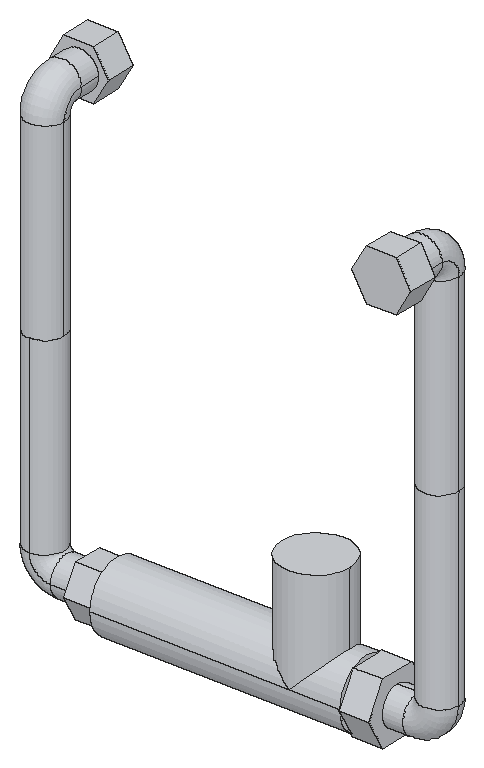
Revit family "PRD_AR_UrnlFlshngVlvs_ElectronicUrinalFlushingSystems_AQUA420,AQUA422", category Pipe Accessories, Revit 2018
Family settings
  Round Connector Dimension = Use Diameter
  Part Type = Valve - Breaks Into
  OmniClass Number = 23.45.05.14.99
  OmniClass Title = Other Sanitary Washing Plumbing Fixtures
  Work Plane-Based = No
  Always vertical = Yes
  Cut with Voids When Loaded = No
  Shared = No
Parameters (values of type "AQUA420")
  WarrantyStartDate [instance] = "1900-12-31T23:59:59"
  WarrantyGuarantorParts = "n/a"
  WarrantyGuarantorLabor = "n/a"
  WarrantyDurationUnit = "year"
  WarrantyDurationParts = "n/a"
  WarrantyDurationLabor = "n/a"
  WarrantyDescription = "n/a"
  Version = "1"
  Uniclass2015Version = "Products v1.7"
  Uniclass2015Title = "Flush control devices"
  Uniclass2015Code = "Pr_75_50_46_31"
  URL = "www.kwc.com"
  ThirdPartyCertification = "n/a"
  TagNumber [instance] = "n/a"
  SustainabilityPerformance = "n/a"
  Standard = "n/a"
  Size = "n/a"
  Shape = "n/a"
  SerialNumber [instance] = "n/a"
  Revision = "n/a"
  ReplacementCost = "n/a"
  ProductInformation = "https://pim.kwc.com/product/2000071169/attachment/datasheet?locale=en"
  OperatingControl = "electronic self-closing"
  NominalWidth = 0 mm
  NominalLength = 0 mm
  NominalHeight = 0 mm
  NetWeight = 1.425 kg
  Name = "Electronic urinal flushing systems AQUA420"
  NBSTypeID = "n/a"
  NBSReference = "90-15-35/470"
  NBSOfficeMasterTag = "n/a"
  NBSNote = "n/a"
  NBSDescription = "Flush control devices"
  NBSCertification = "n/a"
  ModelReference = "AQUA420"
  ModelNumber = "2000071169"
  Model = ModelReference  # "AQUA420"
  MaterialsFinishAndColour = "n/a"
  MaterialsBody = "n/a"
  Material = "n/a"
  ManufacturerURL = "www.kwc.com"
  ManufacturerName = "KWC Group AG"  # constant formula
  Manufacturer = ManufacturerName  # "KWC Group AG"
  IsHighPressure = no
  IntegralAccessories = "n/a"
  InstallationDate [instance] = "1900-12-31T23:59:59"
  IfcExportType = "FLUSHING"
  IfcExportAs = "IfcValveType"
  HasIntegralShutOffDevice = yes
  GrossWeight = 1.50 kg
  Grade = "n/a"
  FlushingRate = 0.0 L/s
  FlushVolume = "0.30 liter per second"
  FlushValveMaterial = none
  Finish = "n/a"
  Features = "n/a"
  ExpectedLife = "n/a"
  DurationUnit = "year"
  Description = "Electronic siphon control unit for invisible installation. For touch free flushing of KWC stainless steel urinals. With flexible pressure hose, solenoid valve, electronic module and siphon with outside mounted sensor without water contact, hygiene flushing 24 h after the last activity, 230 V AC."
  Constituents = "n/a"
  Color = "n/a"
  CodePerformance = "n/a"
  Category = "Pr_40_20_93_79, Urinal flushing valves"
  BarCode [instance] = "n/a"
  BIMObjectName = "PRD_AR_UrinalFlushingValves_ElectronicUrinalFlushingSystems_AQUA420"
  Author = "Archispace"  # constant formula
  AssetType = "Fixed"
  AssetIdentifier [instance] = "n/a"
  AccessibilityPerformance = "n/a"
Types (2, lengths in mm): name | ProductInformation | Name | ModelReference | ModelNumber | Model | Description | BIMObjectName
  AQUA420 | "https://pim.kwc.com/product/2000071169/attachment/datasheet?locale=en" | "Electronic urinal flushing systems AQUA420" | "AQUA420" | "2000071169" | "AQUA420" | "Electronic siphon control unit for invisible installation. For touch free flushing of KWC stainless steel urinals. With flexible pressure hose, solenoid valve, electronic module and siphon with outside mounted sensor without water contact, hygiene flushing 24 h after the last activity, 230 V AC." | "PRD_AR_UrinalFlushingValves_ElectronicUrinalFlushingSystems_AQUA420"
  AQUA422 | "https://pim.kwc.com/product/2000102700/attachment/datasheet?locale=en" | "Electronic urinal flushing systems AQUA422" | "AQUA422" | "2000102700" | "AQUA422" | "Electronic siphon control unit for invisible installation. For touch free flushing of KWC stainless steel urinals. With flexible pressure hose, solenoid valve, electronic module and siphon with outside mounted sensor without water contact, hygiene flushing 24 h after the last activity, 230 V AC. for KWC slab urinals" | "PRD_AR_UrinalFlushingValves_ElectronicUrinalFlushingSystems_AQUA422"
Reference planes
  plane 1 "Center (Front/Back)": y = 0
  plane 2: z = 0
  plane 3 "Center (Left/Right)": x = 0
  plane 4: y = 25
  plane 5: x = -185
Forms (mm)
  Sweep 1, solid, material <- "FlushValveMaterial", detail levels fine
    path origin (0, 0, 0) x (0, 1, 0) y (0, 0, 1)
      loop
        line (0, 0) -> (15, 0)
        arc (15, 0) -> (22.071, -2.929) -> (25, -10) r 10
        line (25, -10) -> (25, -100)
    profile origin (0, 7.5, 0) x (0, 0, 1) y (1, 0, 0)
      loop
        circle (0, 0) r 9
  Sweep 2, solid, material <- "FlushValveMaterial", detail levels fine
    path origin (9, 25, 1200) x (1, 0, 0) y (0, 0, 1)
      loop
        line (-9, -1300) -> (-9, -1390)
        arc (-9, -1390) -> (-11.929, -1397.071) -> (-19, -1400) r 10
        line (-19, -1400) -> (-29, -1400)
    profile origin (0, 25, -145) x (0, -1, 0) y (1, 0, 0)
      loop
        circle (0, 0) r 9
  Extrusion 3, solid, material <- "FlushValveMaterial", detail levels fine
    sketch origin (9, 25, 1200) x (1, 0, 0) y (0, 0, 1)
      loop
        line (-15.928, -1188) -> (-22.856, -1200) -> (-15.928, -1212) -> (-2.072, -1212) -> (4.856, -1200) -> (-2.072, -1188) -> (-15.928, -1188)
    from 20 to 34
  Extrusion 4, solid, material <- "FlushValveMaterial", detail levels fine
    sketch origin (0, 0, 0) x (0, 1, 0) y (0, 0, 1)
      loop
        line (16.628, -185.5) -> (8.257, -200) -> (16.628, -214.5) -> (33.372, -214.5) -> (41.743, -200) -> (33.372, -185.5) -> (16.628, -185.5)
    from -20 to -34
  Sweep 5, solid, material <- "FlushValveMaterial", detail levels fine
    path origin (-185, 0, 0) x (0, 1, 0) y (0, 0, -1)
      loop
        line (50, 0) -> (35, 0)
        arc (35, 0) -> (27.929, 2.929) -> (25, 10) r 10
        line (25, 10) -> (25, 100)
    profile origin (-185, 25, -55) x (-1, 0, 0) y (0, -1, 0)
      loop
        circle (0, 0) r 9
  Sweep 6, solid, material <- "FlushValveMaterial", detail levels fine
    path origin (-194, 25, 1200) x (-1, 0, 0) y (0, 0, -1)
      loop
        line (-9, 1300) -> (-9, 1390)
        arc (-9, 1390) -> (-11.929, 1397.071) -> (-19, 1400) r 10
        line (-19, 1400) -> (-29, 1400)
    profile origin (-185, 25, -145) x (0, -1, 0) y (1, 0, 0)
      loop
        circle (0, 0) r 9
  Extrusion 7, solid, material <- "FlushValveMaterial", detail levels fine
    sketch origin (-185, 0, 0) x (0, 1, 0) y (0, 0, -1)
      loop
        line (31.928, 188) -> (38.856, 200) -> (31.928, 212) -> (18.072, 212) -> (11.144, 200) -> (18.072, 188) -> (31.928, 188)
    from -20 to -34
  Extrusion 8, solid, material <- "FlushValveMaterial", detail levels fine
    sketch origin (-194, 25, 1200) x (-1, 0, 0) y (0, 0, 1)
      loop
        line (-15.928, -1188) -> (-22.856, -1200) -> (-15.928, -1212) -> (-2.072, -1212) -> (4.856, -1200) -> (-2.072, -1188) -> (-15.928, -1188)
    from 20 to 34
  Extrusion 9, solid, material <- "FlushValveMaterial", detail levels fine
    sketch origin (0, 0, 0) x (0, 1, 0) y (0, 0, 1)
      loop
        circle (25, -200) r 16
    from -34 to -151
  Extrusion 10, solid, material <- "FlushValveMaterial", detail levels fine
    sketch origin (0, 0, 0) x (1, 0, 0) y (0, 1, 0)
      loop
        circle (-58, 25) r 16
    from -200 to -150
Cuts and joins
  joined: Sweep 1, Sweep 2, Extrusion 3, Extrusion 4
  joined: Sweep 5, Sweep 6, Extrusion 7, Extrusion 8, Extrusion 9, Extrusion 10
Lines and regions (mm)
  model lines, detail levels coarse+medium
    curve 1: line (0, 0, 0) -> (0, 25, 0)
    curve 2: line (0, 25, 0) -> (0, 25, -200)
    curve 3: line (-185, 25, -200) -> (0, 25, -200)
    curve 4: line (-185, 50, 0) -> (-185, 25, 0)
    curve 5: line (-185, 25, 0) -> (-185, 25, -200)
Dimensions and locks
  plane 3 "Center (Left/Right)" to plane 5 = 185 mm
  aligned and locked: level to plane 2
Connectors
  piping at (0, 0, 0), diameter 12.7
    settings: on cut or joined group of Sweep 1, Sweep 2, Extrusion 3, Extrusion 4, index 1, connector inside diameter 24", connector length 0 mm, flow factor 0, pipe flow 0.0 L/s, pressure drop 0.0 Pa, fitting loss kfactor 0, connector angle 0.00°, fixture units 0, engagement length 0 mm, angle of deflection 0.00°, flow configuration 0, flow direction 0, fitting loss method 0, system type 28, joint type 0, gender type 0, connector reference index 2, connector utility 0, adjustable connector no, is connector primary yes, connector description ""
  piping at (-185, 50, 0), diameter 12.7
    settings: on cut or joined group of Sweep 5, Sweep 6, Extrusion 7, Extrusion 8, Extrusion 9, Extrusion 10, index 2, connector inside diameter 24", connector length 0 mm, flow factor 0, pipe flow 0.0 L/s, pressure drop 0.0 Pa, fitting loss kfactor 0, connector angle 0.00°, fixture units 0, engagement length 0 mm, angle of deflection 0.00°, flow configuration 0, flow direction 0, fitting loss method 0, system type 28, joint type 0, gender type 0, connector reference index 1, connector utility 0, adjustable connector no, is connector primary no, connector description ""
